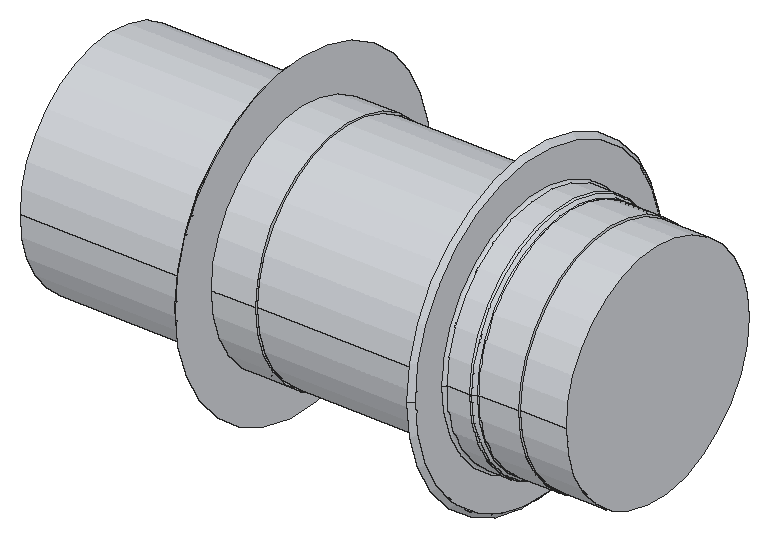
Revit family "holyoake-lr-fire-damper 300", category Duct Accessories, Revit 2021
Family settings
  Round Connector Dimension = Use Diameter
  Part Type = Breaks Into
  Work Plane-Based = No
  Always vertical = No
  Cut with Voids When Loaded = No
  Shared = No
Parameters (values of type "FO")
  Wall Thickness Parametric [instance] = if(Wall Thickness > Wall Thickness Maximum, Wall Thickness Maximum, Wall Thickness)  # 180 mm
  Wall Thickness Maximum = 295 mm
  Wall Thickness [instance] = 180 mm
  Wall Penetration Minimum [instance] = if(Diameter = 300 mm, 305 mm, 177 mm)  # 177 mm
  Wall Penetration Maximum [instance] = if(Diameter = 300 mm, 313 mm, 177 mm)  # 177 mm
  URL = "http://www.holyoake.com"
  Product Code [instance] = if(and(Diameter = 100 mm, and(Fire Smoke Actuator, Heat Shield)), "LR100FSH", if(and(Diameter = 100 mm, and(Fire Smoke Actuator, not(Heat Shield))), "LR100FSO", if(and(Diameter = 100 mm, and(not(Fire Smoke Actuator), Heat Shield)), "LR100FH", if(and(Diameter = 100 mm, and(not(Fire Smoke Actuator), not(Heat Shield))), "LR100FO", if(and(Diameter = 125 mm, and(Fire Smoke Actuator, Heat Shield)), "LR125FSH", if(and(Diameter = 125 mm, and(Fire Smoke Actuator, not(Heat Shield))), "LR125FSO", if(and(Diameter = 125 mm, and(not(Fire Smoke Actuator), Heat Shield)), "LR125FH", if(and(Diameter = 125 mm, and(not(Fire Smoke Actuator), not(Heat Shield))), "LR125FO", if(and(Diameter = 150 mm, and(Fire Smoke Actuator, Heat Shield)), "LR150FSH", if(and(Diameter = 150 mm, and(Fire Smoke Actuator, not(Heat Shield))), "LR150FSO", if(and(Diameter = 150 mm, and(not(Fire Smoke Actuator), Heat Shield)), "LR150FH", if(and(Diameter = 150 mm, and(not(Fire Smoke Actuator), not(Heat Shield))), "LR150FO", if(and(Diameter = 200 mm, and(Fire Smoke Actuator, Heat Shield)), "LR200FSH", if(and(Diameter = 200 mm, and(Fire Smoke Actuator, not(Heat Shield))), "LR200FSO", if(and(Diameter = 200 mm, and(not(Fire Smoke Actuator), Heat Shield)), "LR200FH", if(and(Diameter = 200 mm, and(not(Fire Smoke Actuator), not(Heat Shield))), "LR200FO", if(and(Diameter = 250 mm, and(Fire Smoke Actuator, Heat Shield)), "LR250FSH", if(and(Diameter = 250 mm, and(Fire Smoke Actuator, not(Heat Shield))), "LR250FSO", if(and(Diameter = 250 mm, and(not(Fire Smoke Actuator), Heat Shield)), "LR250FH", if(and(Diameter = 250 mm, and(not(Fire Smoke Actuator), not(Heat Shield))), "LR250FO", "Unknown"))))))))))))))))))))  # "LR250FO"
  Material - Flange = none
  Material - Body = none
  Manufacturer = "Holyoake"  # constant formula
  Length = 425 mm
  Heat Shield = no
  Fire Smoke Actuator = no
  Diameter [instance] = 250 mm
  Description = "LR Fire / Combination Fire and Smoke Dampers"  # constant formula
  Default Elevation = 0 mm
  Component Diameter [instance] = if(Diameter = 300 mm, 296 mm, 177 mm)  # 177 mm
  Available Sizes [instance] = "300mm"  # constant formula
Types (5, lengths in mm): name | Wall Thickness Parametric | Wall Thickness Maximum | Wall Thickness | Product Code | Fire Smoke Actuator | Diameter
  FSH | 180 | 295 | 180 | "LR100FO" | no | 100
  FSO | 210 | 210 | 349.712 | "LR100FSO" | yes | 100
  FH | 210 | 210 | 349.712 | "LR100FO" | no | 100
  FO | 180 | 295 | 180 | "LR250FO" | no | 250
  Holyoake LR | 210 | 210 | 349.712 | "LR150FO" | no | 150
Reference planes
  plane 1 "Center (Front/Back)": y = 0
  plane 2: z = 0
  plane 3 "Center (Left/Right)": x = 0
  plane 4: x = 180
  plane 5: x = -149
  plane 6: x = 276
  plane 7: x = 180
Forms (mm)
  Sweep 1, solid, material <- "Material - Body"
    path in 3D
      loop
        line (-149, 0, 0) -> (276, 0, 0)
    profile "Body Diameter : Type 1" origin (63.5, 0, 0) x (0, 1, 0) y (0, 0, 1)
      loop
        circle (0, 0) r 88.5
Lines and regions (mm)
  reference lines
    curve 1: line (-149, 0, 0) -> (276, 0, 0)
  sketch lines
    curve 2: line (-149, 0, 0) -> (276, 0, 0)
Dimensions and locks
  "Wall Thickness Parametric": plane 3 "Center (Left/Right)" to plane 4
  locked: plane 5 to plane 3 "Center (Left/Right)" at 149
  "Length": plane 5 to plane 6
  "Wall Thickness": plane 3 "Center (Left/Right)" to plane 7
  aligned and locked: level to plane 2
  aligned and locked: nested 2 to plane 1 "Center (Front/Back)"
  aligned and locked: plane 2 to nested 2
Automatic sketch dimensions
  plane 1 "Center (Front/Back)" to curve 1 = 0 mm
  curve 1 to plane 5 = 0 mm
  curve 1 to plane 6 = 0 mm
Nested families
  nested 1: "Wall Side 1" at (0, 0, 0) x (0, 1, 0) z (-1, 0, 0), type "Wall Side 1"
    with Diameter 177 mm
  nested 2: "Wall Side 2" at (180, 0, 0) x (0, 1, 0) z (-1, 0, 0), type "Wall Side 2"
    with Diameter 177 mm
Connectors
  hvac at (-149, 0, 0), driven by "Diameter"
    settings: on Sweep 1, index 1, duct flow 0.0 L/s, flow factor 0, pres drop 0.0 Pa, loss coef 0, conn angle 0.00°, conn width 304.8 mm, conn height 304.8 mm, conn diameter 250 mm, duct sys type 29, conn prof type 0, flow config 0, flow direction 0, loss method 0, conn ref index -1, conn util no, is conn primary yes, conn desc ""
  hvac at (276, 0, 0), driven by "Diameter"
    settings: on Sweep 1, index 2, duct flow 0.0 L/s, flow factor 0, pres drop 0.0 Pa, loss coef 0, conn angle 0.00°, conn width 304.8 mm, conn height 304.8 mm, conn diameter 250 mm, duct sys type 29, conn prof type 0, flow config 0, flow direction 0, loss method 0, conn ref index -1, conn util no, is conn primary no, conn desc ""
Definition of nested family "Wall Side 1"
  Parameters (values of type "Wall Side 1")
    Material = none
    Diameter = 120 mm
    Default Elevation = 1219.2 mm
  Reference planes
    plane 1 "Center (Front/Back)": y = 0
    plane 2: z = 0
    plane 3 "Center (Left/Right)": x = 0
    plane 4: x = -60
    plane 5: x = 60
    plane 6: y = 60
    plane 7: y = -60
  Forms (mm)
    Sweep 1, solid, material <- "Material"
      path in 3D
        loop
          arc (-60, 0, 0) -> (0, -60, 0) -> (60, 0, 0) r 60
          arc (60, 0, 0) -> (0, 60, 0) -> (-60, 0, 0) r 60
      profile "Collar : Collar" origin (0, 60, 0) x (0, -1, 0) y (0, 0, 1)
        loop
          line (0, 3.77) -> (-30.77, 3.77)
          arc (-30.77, 3.77) -> (-31.439, 3.637) -> (-32.006, 3.259) r 1.75
          line (-32.006, 3.259) -> (-35.265, 0) -> (-1.225, 0) -> (-1.225, -35.235) -> (0, -35.235) -> (0, 3.77)
  Lines and regions (mm)
    reference lines
      curve 1: circle (0, 0, 0) r 60 normal (0, 0, 1)
    sketch lines
      curve 2: circle (0, 0, 0) r 60 normal (0, 0, 1)
  Dimensions and locks
    equal spacing: plane 4, plane 3 "Center (Left/Right)", plane 5
    equal spacing: plane 6, plane 1 "Center (Front/Back)", plane 7
    "Diameter": plane 6 to plane 7
    "Diameter": plane 4 to plane 5
    "Diameter": diameter of curve 1
    aligned and locked: level to plane 2
    aligned and locked: plane 3 "Center (Left/Right)" to curve 1
    aligned and locked: plane 1 "Center (Front/Back)" to curve 1
Definition of nested family "Wall Side 2"
  Parameters (values of type "Wall Side 2")
    Material = none
    Diameter = 120 mm
    Default Elevation = 1219.2 mm
  Reference planes
    plane 1 "Center (Front/Back)": y = 0
    plane 2: z = 0
    plane 3 "Center (Left/Right)": x = 0
    plane 4: x = -60
    plane 5: x = 60
    plane 6: y = 60
    plane 7: y = -60
  Forms (mm)
    Sweep 1, solid, material <- "Material"
      path in 3D
        loop
          arc (-60, 0, 0) -> (0, -60, 0) -> (60, 0, 0) r 60
          arc (60, 0, 0) -> (0, 60, 0) -> (-60, 0, 0) r 60
      profile "Collar2 : Collar2" origin (0, 60, 0) x (0, -1, 0) y (0, 0, 1)
        loop
          line (0, 0) -> (-35.265, 0) -> (-31.509, -3.757) -> (-6.481, -3.757)
          arc (-6.481, -3.757) -> (-4.887, -4.414) -> (-4.226, -6.007) r 2.251
          line (-4.226, -6.007) -> (-4.226, -23.962)
          arc (-4.226, -23.962) -> (-4.055, -24.824) -> (-3.567, -25.554) r 2.251
          line (-3.567, -25.554) -> (-1.665, -27.456)
          arc (-1.665, -27.456) -> (-1.34, -27.943) -> (-1.225, -28.517) r 1.5
          line (-1.225, -28.517) -> (-1.225, -60.026) -> (0, -60.026) -> (0, 0)
  Lines and regions (mm)
    reference lines
      curve 1: circle (0, 0, 0) r 60 normal (0, 0, 1)
    sketch lines
      curve 2: circle (0, 0, 0) r 60 normal (0, 0, 1)
  Dimensions and locks
    equal spacing: plane 4, plane 3 "Center (Left/Right)", plane 5
    equal spacing: plane 6, plane 1 "Center (Front/Back)", plane 7
    "Diameter": plane 6 to plane 7
    "Diameter": plane 4 to plane 5
    "Diameter": diameter of curve 1
    aligned and locked: level to plane 2
    aligned and locked: plane 3 "Center (Left/Right)" to curve 1
    aligned and locked: plane 1 "Center (Front/Back)" to curve 1
